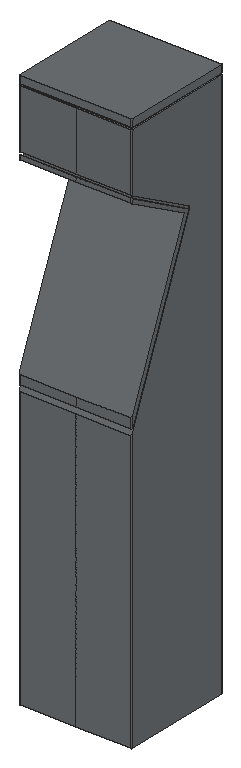
Revit family "Thorn AXYL GEO", category Lighting Fixtures, Revit 2023
Family settings
  Round Connector Dimension = Use Diameter
  Part Type = Normal
  OmniClass Number = 23.80.70.00
  OmniClass Title = Lighting
  Work Plane-Based = No
  Always vertical = Yes
  Cut with Voids When Loaded = No
  Light Source = Yes
  Maintain Annotation Orientation = No
  Shared = No
  Room Calculation Point = No
Parameters (values of type "AXYL GEO H600 1L 927 A/S HFX ANT")
  Wattage = 15.8 W
  built-in parameter 1150110 = 1 (stored number, unit not read)
  URL = "https://www.thornlighting.com/96700511"
  Type Image = TLG_AXYL_F_GEO_H600_ANT.jpg
  Type IFC Predefined Type = "DIRECTIONSOURCE"
  built-in parameter 1114217 = 1 (stored number, unit not read)
  Tilt Angle = 90.00°  # constant formula
  built-in parameter 1150109 = 1 (stored number, unit not read)
  built-in parameter 1150134 = (empty or 0)
  built-in parameter 1150113 = 1 (stored number, unit not read)
  SELECT ACCESSORIES [instance] = "SELECT ACCESSORIES"  # constant formula
  Power Factor = 0.96  # constant formula
  Photometric Web File = "96700511_(STD).IES"
  Model = "96700511"
  Material Housing = Thorn-Aluminium-RAL 7016-Anthracite Grey
  Manufacturer = "Thorn Lighting"  # constant formula
  Lumens = 552 lm
  Luminaire Width = 120.00 mm  # constant formula
  Luminaire Height = if(H 600, 600.00 mm, if(H 950, 950.00 mm, 600.00 mm))  # 600.00 mm
  built-in parameter 1150115 = 1 (stored number, unit not read)
  built-in parameter 1150105 = 46.712 (stored number, unit not read)
  built-in parameter 1150137 = (empty or 0)
  built-in parameter 1150139 = (empty or 0)
  built-in parameter 1150112 = 1 (stored number, unit not read)
  built-in parameter 1150114 = 1 (stored number, unit not read)
  Lamp = "LED"  # constant formula
  built-in parameter 1150132 = 2
  built-in parameter 1150102 = (empty or 0)
  built-in parameter 1150138 = (empty or 0)
  built-in parameter 1150107 = 2700 (stored number, unit not read)
  built-in parameter 1150106 = 0.46712 (stored number, unit not read)
  H 600 = yes
  Export Type to IFC As = "IfcLightFixtureType"
  built-in parameter 1150104 = 3.2516 (stored number, unit not read)
  Dimming Lamp Color Temperature Shift = (empty or 0)
  Description = "Road and amenity lighing luminaires"  # constant formula
  Default Elevation = 0.00 mm  # constant formula
  Color Filter = 16777215
  built-in parameter 1114218 = 1 (stored number, unit not read)
  built-in parameter 1150133 = 10 (stored number, unit not read)
  Assembly Code = "Pr_70_70_48_73"
  Apparent Load = Wattage / Power Factor  # 16.4583 VA
  H 950 = no
  Accessories Glare [instance] = no
  Accessories Flange [instance] = no
  A = 120.00 mm
Types (25, lengths in mm): name | URL | Type Image | Photometric Web File | Model | Material Housing | Lumens | Luminaire Height | built-in parameter 1150107 | H 600 | built-in parameter 1150104 | H 950
  (no name) | "https://www.thornlighting.com/96700511" | TLG_AXYL_F_GEO_H600_ANT.jpg | "96700511_(STD).IES" | "96700511" | Thorn-Aluminium-RAL 7016-Anthracite Grey | 552 lm | 600.00 | 2700 (stored number, unit not read) | yes | 3.2516 (stored number, unit not read) | no
  AXYL GEO H950 1L 930 A/S HFX ANT | "https://www.thornlighting.com/96700531" | TLG_AXYL_F_GEO_H950_ANT.jpg | "96700531_(STD).IES" | "96700531" | Thorn-Aluminium-RAL 7016-Anthracite Grey | 587 lm | 950.00 | 3000 (stored number, unit not read) | no | 3.4374 (stored number, unit not read) | yes
  AXYL GEO H950 1L 940 A/S HFX BK | "https://www.thornlighting.com/96700525" | TLG_AXYL_F_GEO_H950_BK.jpg | "96700525_(STD).IES" | "96700525" | Thorn-Aluminium-RAL 9005-Jet Black | 609 lm | 950.00 | 4000 (stored number, unit not read) | no | 3.6232 (stored number, unit not read) | yes
  AXYL GEO H950 1L 940 A/S HFX GY | "https://www.thornlighting.com/96700526" | TLG_AXYL_F_GEO_H950_GY.jpg | "96700526_(STD).IES" | "96700526" | Thorn-Aluminium-RAL 9006-White Aluminium | 609 lm | 950.00 | 4000 (stored number, unit not read) | no | 3.6232 (stored number, unit not read) | yes
  AXYL GEO H950 1L 940 A/S HFX WH | "https://www.thornlighting.com/96700524" | TLG_AXYL_F_GEO_H950_WH.jpg | "96700524_(STD).IES" | "96700524" | Thorn-Aluminium-RAL 9016-Traffic White | 609 lm | 950.00 | 4000 (stored number, unit not read) | no | 3.6232 (stored number, unit not read) | yes
  AXYL GEO H600 1L 927 A/S HFX ANT | "https://www.thornlighting.com/96700511" | TLG_AXYL_F_GEO_H600_ANT.jpg | "96700511_(STD).IES" | "96700511" | Thorn-Aluminium-RAL 7016-Anthracite Grey | 552 lm | 600.00 | 2700 (stored number, unit not read) | yes | 3.2516 (stored number, unit not read) | no
  AXYL GEO H600 1L 927 A/S HFX BK | "https://www.thornlighting.com/96700509" | TLG_AXYL_F_GEO_H950_WH.jpg | "96700509_(STD).IES" | "96700509" | Thorn-Aluminium-RAL 9005-Jet Black | 552 lm | 600.00 | 2700 (stored number, unit not read) | yes | 3.2516 (stored number, unit not read) | no
  AXYL GEO H600 1L 927 A/S HFX GY | "https://www.thornlighting.com/96700510" | TLG_AXYL_F_GEO_H600_GY.jpg | "96700510_(STD).IES" | "96700510" | Thorn-Aluminium-RAL 9006-White Aluminium | 552 lm | 600.00 | 2700 (stored number, unit not read) | yes | 3.2516 (stored number, unit not read) | no
  AXYL GEO H600 1L 927 A/S HFX WH | "https://www.thornlighting.com/96700508" | TLG_AXYL_F_GEO_H600_WH.jpg | "96700508_(STD).IES" | "96700508" | Thorn-Aluminium-RAL 9016-Traffic White | 552 lm | 600.00 | 2700 (stored number, unit not read) | yes | 3.2516 (stored number, unit not read) | no
  AXYL GEO H600 1L 930 A/S HFX ANT | "https://www.thornlighting.com/96700519" | TLG_AXYL_F_GEO_H600_ANT.jpg | "96700519_(STD).IES" | "96700519" | Thorn-Aluminium-RAL 7016-Anthracite Grey | 587 lm | 600.00 | 3000 (stored number, unit not read) | yes | 3.4374 (stored number, unit not read) | no
  AXYL GEO H600 1L 930 A/S HFX BK | "https://www.thornlighting.com/96700517" | TLG_AXYL_F_GEO_H600_BK.jpg | "96700517_(STD).IES" | "96700517" | Thorn-Aluminium-RAL 9005-Jet Black | 587 lm | 600.00 | 3000 (stored number, unit not read) | yes | 3.4374 (stored number, unit not read) | no
  AXYL GEO H600 1L 930 A/S HFX GY | "https://www.thornlighting.com/96700518" | TLG_AXYL_F_GEO_H600_GY.jpg | "96700518_(STD).IES" | "96700518" | Thorn-Aluminium-RAL 9006-White Aluminium | 587 lm | 600.00 | 3000 (stored number, unit not read) | yes | 3.4374 (stored number, unit not read) | no
  AXYL GEO H600 1L 930 A/S HFX WH | "https://www.thornlighting.com/96700516" | TLG_AXYL_F_GEO_H600_WH.jpg | "96700516_(STD).IES" | "96700516" | Thorn-Aluminium-RAL 9016-Traffic White | 587 lm | 600.00 | 3000 (stored number, unit not read) | yes | 3.4374 (stored number, unit not read) | no
  AXYL GEO H600 1L 940 A/S HFX ANT | "https://www.thornlighting.com/96700515" | TLG_AXYL_F_GEO_H600_ANT.jpg | "96700515_(STD).IES" | "96700515" | Thorn-Aluminium-RAL 7016-Anthracite Grey | 609 lm | 600.00 | 4000 (stored number, unit not read) | yes | 3.6232 (stored number, unit not read) | no
  AXYL GEO H600 1L 940 A/S HFX BLK | "https://www.thornlighting.com/96700513" | TLG_AXYL_F_GEO_H600_BK.jpg | "96700513_(STD).IES" | "96700513" | Thorn-Aluminium-RAL 9005-Jet Black | 609 lm | 600.00 | 4000 (stored number, unit not read) | yes | 3.6232 (stored number, unit not read) | no
  AXYL GEO H600 1L 940 A/S HFX GRY | "https://www.thornlighting.com/96700514" | TLG_AXYL_F_GEO_H600_GY.jpg | "96700514_(STD).IES" | "96700514" | Thorn-Aluminium-RAL 9006-White Aluminium | 609 lm | 600.00 | 4000 (stored number, unit not read) | yes | 3.6232 (stored number, unit not read) | no
  AXYL GEO H600 1L 940 A/S HFX WH | "https://www.thornlighting.com/96700512" | TLG_AXYL_F_GEO_H600_WH.jpg | "96700512_(STD).IES" | "96700512" | Thorn-Aluminium-RAL 9016-Traffic White | 609 lm | 600.00 | 4000 (stored number, unit not read) | yes | 3.6232 (stored number, unit not read) | no
  AXYL GEO H950 1L 927 A/S HFX ANT | "https://www.thornlighting.com/96700523" | TLG_AXYL_F_GEO_H950_ANT.jpg | "96700523_(STD).IES" | "96700523" | Thorn-Aluminium-RAL 7016-Anthracite Grey | 552 lm | 950.00 | 2700 (stored number, unit not read) | no | 3.2516 (stored number, unit not read) | yes
  AXYL GEO H950 1L 927 A/S HFX BK | "https://www.thornlighting.com/96700521" | TLG_AXYL_F_GEO_H950_BK.jpg | "96700521_(STD).IES" | "96700521" | Thorn-Aluminium-RAL 9005-Jet Black | 552 lm | 950.00 | 2700 (stored number, unit not read) | no | 3.2516 (stored number, unit not read) | yes
  AXYL GEO H950 1L 927 A/S HFX GY | "https://www.thornlighting.com/96700522" | TLG_AXYL_F_GEO_H950_GY.jpg | "96700522_(STD).IES" | "96700522" | Thorn-Aluminium-RAL 9006-White Aluminium | 552 lm | 950.00 | 2700 (stored number, unit not read) | no | 3.2516 (stored number, unit not read) | yes
  AXYL GEO H950 1L 927 A/S HFX WH | "https://www.thornlighting.com/96700520" | TLG_AXYL_F_GEO_H950_WH.jpg | "96700520_(STD).IES" | "96700520" | Thorn-Aluminium-RAL 9016-Traffic White | 552 lm | 950.00 | 2700 (stored number, unit not read) | no | 3.2516 (stored number, unit not read) | yes
  AXYL GEO H950 1L 930 A/S HFX BK | "https://www.thornlighting.com/96700529" | TLG_AXYL_F_GEO_H950_BK.jpg | "96700529_(STD).IES" | "96700529" | Thorn-Aluminium-RAL 9005-Jet Black | 587 lm | 950.00 | 3000 (stored number, unit not read) | no | 3.4374 (stored number, unit not read) | yes
  AXYL GEO H950 1L 930 A/S HFX GY | "https://www.thornlighting.com/96700530" | TLG_AXYL_F_GEO_H950_GY.jpg | "96700530_(STD).IES" | "96700530" | Thorn-Aluminium-RAL 9006-White Aluminium | 587 lm | 950.00 | 3000 (stored number, unit not read) | no | 3.4374 (stored number, unit not read) | yes
  AXYL GEO H950 1L 930 A/S HFX WH | "https://www.thornlighting.com/96700528" | TLG_AXYL_F_GEO_H950_WH.jpg | "96700528_(STD).IES" | "96700528" | Thorn-Aluminium-RAL 9016-Traffic White | 587 lm | 950.00 | 3000 (stored number, unit not read) | no | 3.4374 (stored number, unit not read) | yes
  AXYL GEO H950 1L 940 A/S HFX ANT | "https://www.thornlighting.com/96700527" | TLG_AXYL_F_GEO_H950_ANT.jpg | "96700527_(STD).IES" | "96700527" | Thorn-Aluminium-RAL 7016-Anthracite Grey | 609 lm | 950.00 | 4000 (stored number, unit not read) | no | 3.6232 (stored number, unit not read) | yes
Reference planes
  plane 1 "Light Source Axis (F/B)": y = 0
  plane 2: z = 0
  plane 3 "Light Source Axis (L/R)": x = 0
  plane 4 "Light Source Elevation": z = 500
  plane 5: z = 600
  plane 6: x = -60
  plane 7: x = 60
  plane 8 "Back": y = 60
  plane 9 "Front": y = -60
  plane 10: z = 520
  plane 11: y = 10
  plane 12: z = 315
  plane 13: z = 480
  plane 14: z = 590
Forms (mm)
  Extrusion 1, solid, material "Thorn-Aluminium-RAL 7016-Anthracite Grey" <- "Material Housing"
    sketch origin (0, 0, 0) x (1, 0, 0) y (0, 1, 0)
      loop
        line (-60, 59) -> (-60, -59)
        arc (-60, -59) -> (-59.707, -59.707) -> (-59, -60) r 1
        line (-59, -60) -> (0.301, -60) -> (59, -60)
        arc (59, -60) -> (59.707, -59.707) -> (60, -59) r 1
        line (60, -59) -> (60, 59)
        arc (60, 59) -> (59.707, 59.707) -> (59, 60) r 1
        line (59, 60) -> (1.583, 60) -> (-59, 60)
        arc (-59, 60) -> (-59.707, 59.707) -> (-60, 59) r 1
    from 0 to 590
  Extrusion 2, void
    sketch origin (0, 0, 0) x (0, 1, 0) y (0, 0, 1)
      loop
        line (-60, 520) -> (-60, 315) -> (10, 480) -> (-60, 520)
    from -155.988 to 131.833
  Extrusion 3, void
    sketch origin (0, 0, 0) x (0, 1, 0) y (0, 0, 1)
      loop
        line (-60, 527.486) -> (-60, 524.607) -> (13.818, 482.425)
        arc (13.818, 482.425) -> (14.467, 481.297) -> (14.345, 480) r 2.15
        line (14.345, 480) -> (-60, 304.758) -> (-60, 298.357) -> (17.061, 480)
        arc (17.061, 480) -> (17.327, 481.926) -> (16.586, 483.723) r 3.724
        line (16.586, 483.723) -> (-60, 527.486)
    from 57.5 to 60
  Extrusion 4, void
    sketch origin (0, 0, 0) x (0, 1, 0) y (0, 0, -1)
      loop
        line (-60, -527.486) -> (16.586, -483.723)
        arc (16.586, -483.723) -> (17.327, -481.926) -> (17.061, -480) r 3.724
        line (17.061, -480) -> (-60, -298.357) -> (-60, -304.758) -> (14.345, -480)
        arc (14.345, -480) -> (14.467, -481.297) -> (13.818, -482.425) r 2.15
        line (13.818, -482.425) -> (-60, -524.607) -> (-60, -527.486)
    from 57.5 to 60
  Extrusion 5, void
    sketch origin (0, 0, 0) x (0, 1, 0) y (0, 0, 1)
      loop
        line (-60, 527.486) -> (-60, 524.607) -> (-57.791, 523.345) -> (-57.791, 526.224) -> (-60, 527.486)
    from -60 to 60
  Extrusion 6, void
    sketch origin (0, 0, 0) x (0, 1, 0) y (0, 0, 1)
      loop
        line (-60, 304.758) -> (-60, 298.357) -> (-57.5, 304.25) -> (-57.5, 310.651) -> (-60, 304.758)
    from -60 to 60
  Extrusion 7, void
    sketch origin (0, -60, 520) x (0, 0.868243, -0.496139) y (1, 0, 0)
      loop
        line (11.123, -33) -> (70.123, -33) -> (70.123, 33) -> (11.123, 33) -> (11.123, -33)
    from -6.5 to 5.511
  Extrusion 8, solid, material "Thorn-Plastic-Self Illuminated 4000K"
    sketch origin (0, -56.775, 525.644) x (0, 0.868243, -0.496139) y (1, 0, 0)
      loop
        line (70.123, 33) -> (11.123, 33) -> (11.123, -33) -> (70.123, -33) -> (70.123, 33)
    from 3 to 0
  Extrusion 9, solid, material "Thorn-Aluminium-RAL 7016-Anthracite Grey" <- "Material Housing"
    sketch origin (-7000, -1193.462, 600) x (-1, 0, 0) y (0, 1, 0)
      loop
        arc (-6940, 1252.462) -> (-6940.293, 1253.169) -> (-6941, 1253.462) r 1
        line (-6941, 1253.462) -> (-7059, 1253.462)
        arc (-7059, 1253.462) -> (-7059.707, 1253.169) -> (-7060, 1252.462) r 1
        line (-7060, 1252.462) -> (-7060, 1134.462)
        arc (-7060, 1134.462) -> (-7059.707, 1133.755) -> (-7059, 1133.462) r 1
        line (-7059, 1133.462) -> (-6941, 1133.462)
        arc (-6941, 1133.462) -> (-6940.293, 1133.755) -> (-6940, 1134.462) r 1
        line (-6940, 1134.462) -> (-6940, 1252.462)
    from 7.5 to 0
  Extrusion 10, solid, material "Thorn-Aluminium-RAL 7016-Anthracite Grey" <- "Material Housing"
    sketch origin (-7000, -1193.462, 600) x (-1, 0, 0) y (0, 1, 0)
      loop
        line (-6942.5, 1136.962) -> (-6942.5, 1249.962)
        arc (-6942.5, 1249.962) -> (-6942.793, 1250.669) -> (-6943.5, 1250.962) r 1
        line (-6943.5, 1250.962) -> (-7056.5, 1250.962)
        arc (-7056.5, 1250.962) -> (-7057.207, 1250.669) -> (-7057.5, 1249.962) r 1
        line (-7057.5, 1249.962) -> (-7057.5, 1136.962)
        arc (-7057.5, 1136.962) -> (-7057.207, 1136.255) -> (-7056.5, 1135.962) r 1
        line (-7056.5, 1135.962) -> (-6943.5, 1135.962)
        arc (-6943.5, 1135.962) -> (-6942.793, 1136.255) -> (-6942.5, 1136.962) r 1
    from 7.5 to 10
Cuts and joins
  Extrusion 2, Extrusion 3, Extrusion 4, Extrusion 5, Extrusion 6, Extrusion 7 cuts Extrusion 1
Lines and regions (mm)
  Filled region 1, type "White"
    outline origin (0, 0, 0) x (1, 0, 0) y (0, 1, 0)
      loop
        line (-60, 60) -> (-60, -60) -> (60, -60) -> (60, 60) -> (-60, 60)
  model lines, style "InvisibleLines"
    curve 1: line (0, 0, 0) -> (0, -600, 0)
    curve 2: line (0, -600, 0) -> (51.303, -459.046, 0)
    curve 3: line (0, -600, 0) -> (-51.303, -459.046, 0)
Dimensions and locks
  "Luminaire Height": level to plane 5
  locked: plane 6 to plane 7 at 120
  "A": plane 9 "Front" to plane 8 "Back"
  locked: plane 12 to plane 5 at 285
  locked: plane 4 "Light Source Elevation" to plane 5 at 100
  locked: plane 5 to plane 14 at 10
  locked: plane 13 to plane 4 "Light Source Elevation" at 20
  locked: plane 4 "Light Source Elevation" to plane 10 at 20
  aligned and locked: plane 4 "Light Source Elevation" to imposter light
  aligned and locked: level to plane 2
  aligned and locked: Extrusion 1 to level
  aligned and locked: plane 14 to cut or joined group of Extrusion 1, Extrusion 2, Extrusion 3, Extrusion 4, Extrusion 5, Extrusion 6, Extrusion 7
  aligned and locked: Extrusion 9 sketch curve to plane 8 "Back"
  aligned and locked: Extrusion 9 sketch curve to plane 7
  aligned and locked: Extrusion 9 sketch curve to plane 9 "Front"
  aligned and locked: Extrusion 9 sketch curve to plane 6
  aligned and locked: imposter light to nested 1
Automatic sketch dimensions
  Extrusion 1 sketch curve to plane 6 = 0.00 mm
  plane 8 "Back" to Extrusion 1 sketch curve = 0.00 mm
  Extrusion 1 sketch curve to plane 9 "Front" = 0.00 mm
  Extrusion 1 sketch curve to plane 7 = 0.00 mm
  Extrusion 1 sketch curve to Extrusion 1 sketch curve = 1.00 mm  (x3)
  plane 3 "Light Source Axis (L/R)" to Extrusion 1 sketch curve = 0.301 mm
  plane 3 "Light Source Axis (L/R)" to Extrusion 1 sketch curve = 1.583 mm
  plane 7 to Extrusion 1 sketch curve = 1.00 mm
  curve 2 to plane 3 "Light Source Axis (L/R)" = 0.00 mm
  plane 1 "Light Source Axis (F/B)" to curve 1 = 0.00 mm
  curve 3 to plane 9 "Front" = 540.00 mm
  plane 6 to curve 3 = 8.697 mm
  plane 7 to curve 2 = 8.697 mm
  curve 3 to curve 3 = 140.954 mm
  curve 3 to curve 2 = 0.00 mm
  Filled region 1 sketch curve to plane 6 = 0.00 mm
  plane 8 "Back" to Filled region 1 sketch curve = 0.00 mm
  plane 7 to Filled region 1 sketch curve = 0.00 mm
  plane 9 "Front" to Filled region 1 sketch curve = 0.00 mm
  Extrusion 2 sketch curve to plane 9 "Front" = 0.00 mm
  Extrusion 2 sketch curve to plane 11 = 0.00 mm
  plane 12 to Extrusion 2 sketch curve = 0.00 mm
  plane 13 to Extrusion 2 sketch curve = 0.00 mm
  plane 10 to Extrusion 2 sketch curve = 0.00 mm
  Extrusion 3 sketch curve to plane 9 "Front" = 0.00 mm  (x2)
  plane 13 to Extrusion 3 sketch curve = 0.00 mm  (x2)
  Extrusion 3 sketch curve to plane 13 = 0.84 mm
  Extrusion 3 sketch curve to plane 11 = 2.366 mm
  Extrusion 3 sketch curve to Extrusion 3 sketch curve = 1.266 mm
  Extrusion 3 sketch curve to Extrusion 3 sketch curve = 0.186 mm
  Extrusion 3 sketch curve to Extrusion 3 sketch curve = 0.713 mm
  Extrusion 3 sketch curve to plane 13 = 3.723 mm
  Extrusion 3 sketch curve to Extrusion 3 sketch curve = 2.768 mm
  Extrusion 3 sketch curve to Extrusion 3 sketch curve = 2.716 mm
  plane 12 to Extrusion 3 sketch curve = 10.242 mm
  Extrusion 3 sketch curve to Extrusion 3 sketch curve = 6.401 mm
  Extrusion 3 sketch curve to plane 10 = 4.607 mm
  Extrusion 3 sketch curve to Extrusion 3 sketch curve = 2.879 mm
  Extrusion 4 sketch curve to plane 9 "Front" = 0.00 mm  (x2)
  plane 13 to Extrusion 4 sketch curve = 0.00 mm  (x2)
  Extrusion 4 sketch curve to plane 13 = 0.84 mm
  Extrusion 4 sketch curve to plane 11 = 2.366 mm
  Extrusion 4 sketch curve to Extrusion 4 sketch curve = 1.266 mm
  Extrusion 4 sketch curve to Extrusion 4 sketch curve = 0.186 mm
  Extrusion 4 sketch curve to Extrusion 4 sketch curve = 0.713 mm
  Extrusion 4 sketch curve to plane 13 = 3.723 mm
  Extrusion 4 sketch curve to Extrusion 4 sketch curve = 2.768 mm
  Extrusion 4 sketch curve to Extrusion 4 sketch curve = 2.716 mm
  Extrusion 4 sketch curve to plane 10 = 4.607 mm
  Extrusion 4 sketch curve to Extrusion 4 sketch curve = 2.879 mm
  plane 12 to Extrusion 4 sketch curve = 10.242 mm
  Extrusion 4 sketch curve to Extrusion 4 sketch curve = 6.401 mm
  Extrusion 5 sketch curve to plane 9 "Front" = 0.00 mm
  plane 9 "Front" to Extrusion 5 sketch curve = 2.209 mm
  Extrusion 5 sketch curve to plane 10 = 3.345 mm
  Extrusion 5 sketch curve to Extrusion 5 sketch curve = 1.262 mm  (x2)
  Extrusion 5 sketch curve to Extrusion 5 sketch curve = 1.617 mm
  Extrusion 6 sketch curve to plane 9 "Front" = 0.00 mm
  plane 9 "Front" to Extrusion 6 sketch curve = 2.50 mm
  plane 12 to Extrusion 6 sketch curve = 16.643 mm
  Extrusion 6 sketch curve to Extrusion 6 sketch curve = 5.893 mm
  Extrusion 6 sketch curve to Extrusion 6 sketch curve = 0.508 mm
  plane 12 to Extrusion 6 sketch curve = 4.349 mm
  Extrusion 7 sketch curve to Extrusion 2 = 11.123 mm
  Extrusion 7 sketch curve to Extrusion 2 = 10.50 mm
  Extrusion 2 to Extrusion 7 sketch curve = 122.988 mm
  Extrusion 7 sketch curve to Extrusion 7 sketch curve = 66.00 mm
  Extrusion 8 sketch curve to Extrusion 7 = 0.00 mm  (x4)
  plane 7 to Extrusion 9 sketch curve = 1.00 mm  (x2)
  Extrusion 9 sketch curve to Extrusion 9 sketch curve = 1.00 mm
  plane 6 to Extrusion 9 sketch curve = 1.00 mm
  plane 7 to Extrusion 10 sketch curve = 2.50 mm
  Extrusion 10 sketch curve to Extrusion 10 sketch curve = 1.00 mm  (x3)
  plane 6 to Extrusion 10 sketch curve = 3.50 mm  (x2)
  plane 8 "Back" to Extrusion 10 sketch curve = 2.50 mm
  plane 9 "Front" to Extrusion 10 sketch curve = 3.50 mm
Nested families
  nested 1: "Thorn AXYL GEO accessories" at (0, 0, 0), visible <- "Accessories Flange", type "AXYL GEO FLANGE D120"
  nested 2: "Thorn AXYL GEO accessories" at (0, -22.993, 502.884) x (1, 0, 0) z (0, -0.4961, -0.8682), visible <- "Accessories Glare", type "AXYL GEO GLARE BK", detail levels fine
Connectors
  electrical at (0, 0, 0), driven by "Apparent Load", driven by "Power Factor"
    settings: index 1, voltage 220 V, apparent load 16.4583 VA, apparent load phase1 0 VA, apparent load phase2 0 VA, apparent load phase3 0 VA, power factor 0.96, load classification "Lighting", number of poles 1, system type 30, power factor state 1, is connector primary yes, connector utility no, sub classification motor no, connector description ""
Definition of nested family "Thorn AXYL GEO accessories"
  Parameters (values of type "AXYL GEO FLANGE D120")
    Visibility Flange = not(Visibility Glare)  # yes
    Visibility Glare = and(not(Flange), Glare)  # no
    URL = "https://www.thornlighting.com/96700572"
    Type Image = element 22645
    Type IFC Predefined Type = "NOTDEFINED"
    Model = "96700572"
    Glare = no
    Flange = yes
    Material Housing = none
    Manufacturer = "Thorn Lighting"  # constant formula
    Export Type to IFC As = "IfcLightFixtureType"
    Description = "Luminaire mounting accessories"  # constant formula
    Default Elevation = 0.00 mm  # constant formula
    Assembly Code = "Pr_70_70_48_14"
  Types (3, lengths in mm): name | Visibility Flange | Visibility Glare | URL | Type Image | Model | Glare | Flange
    (no name) | yes | no | "https://www.thornlighting.com/96700572" | element 22645 | "96700572" | no | yes
    AXYL GEO FLANGE D120 | yes | no | "https://www.thornlighting.com/96700572" | element 22645 | "96700572" | no | yes
    AXYL GEO GLARE BK | no | yes | "https://www.thornlighting.com/96700532" | element 22647 | "96700532" | yes | no
  Reference planes
    plane 1 "Center (Front/Back)": y = 0
    plane 2: z = 0
    plane 3 "Center (Left/Right)": x = 0
    plane 4: x = -59.5
    plane 5: x = 59.5
    plane 6: y = 59.5
    plane 7: y = -59.5
    plane 8: z = -165
  Forms (mm)
    Extrusion 1, solid, visible <- "Visibility Flange"
      sketch origin (0, 0, 0) x (1, 0, 0) y (0, 1, 0)
        loop
          circle (0, 0) r 59.5
        loop
          circle (0, 0) r 28
      from 0 to -3
    Extrusion 2, solid, visible <- "Visibility Flange"
      sketch origin (0, 0, 0) x (1, 0, 0) y (0, 1, 0)
        loop
          circle (0, 0) r 58.5
        loop
          circle (0, 0) r 28
      from -3 to -34
    Sweep 3, solid, visible <- "Visibility Flange", detail levels fine
      path origin (0, 0, -34) x (0, 1, 0) y (0, 0, 1)
        loop
          line (38, 0) -> (38, -108)
          arc (38, -108) -> (43.858, -122.142) -> (58, -128) r 20
          line (58, -128) -> (88, -128)
      profile origin (0, 38, -88) x (1, 0, 0) y (0, 1, 0)
        loop
          circle (0, 0) r 3
    Sweep 4, solid, visible <- "Visibility Flange", detail levels fine
      path origin (0, 0, -34) x (0, -1, 0) y (0, 0, -1)
        loop
          line (38, 0) -> (38, 108)
          arc (38, 108) -> (43.858, 122.142) -> (58, 128) r 20
          line (58, 128) -> (88, 128)
      profile origin (0, -38, -88) x (1, 0, 0) y (0, 1, 0)
        loop
          circle (0, 0) r 3
    Sweep 5, solid, visible <- "Visibility Flange", detail levels fine
      path origin (0, 0, -34) x (1, 0, 0) y (0, 0, 1)
        loop
          line (38, 0) -> (38, -108)
          arc (38, -108) -> (43.858, -122.142) -> (58, -128) r 20
          line (58, -128) -> (88, -128)
      profile origin (38, 0, -88) x (0, -1, 0) y (1, 0, 0)
        loop
          circle (0, 0) r 3
    Sweep 6, solid, visible <- "Visibility Flange", detail levels fine
      path origin (0, 0, -34) x (-1, 0, 0) y (0, 0, -1)
        loop
          line (38, 0) -> (38, 108)
          arc (38, 108) -> (43.858, 122.142) -> (58, 128) r 20
          line (58, 128) -> (88, 128)
      profile origin (-38, 0, -88) x (0, -1, 0) y (1, 0, 0)
        loop
          circle (0, 0) r 3
    Extrusion 7, solid, material <- "Material Housing", visible <- "Glare", detail levels fine
      sketch origin (0, 22.373, 0) x (1, 0, 0) y (0, 1, 0)
        loop
          line (33, 7.127) -> (-33, 7.127) -> (-33, -51.873) -> (33, -51.873) -> (33, 7.127)
        loop
          line (-31.5, 5.627) -> (-31.5, -50.373) -> (31.5, -50.373) -> (31.5, 5.627) -> (-31.5, 5.627)
      from 3.5 to 0
    Extrusion 8, solid, material <- "Material Housing", visible <- "Glare", detail levels fine
      sketch origin (0, -7.125, 0) x (0, 1, 0) y (0, 0, 1)
        loop
          line (28, 3.5) -> (28, 0) -> (29, 0) -> (29, 3.5) -> (28, 3.5)
      from -31.5 to 31.5
    Extrusion 9, solid, material <- "Material Housing", visible <- "Glare", detail levels fine
      sketch origin (0, -14.25, 0) x (0, 1, 0) y (0, 0, 1)
        loop
          line (28, 3.5) -> (28, 0) -> (29, 0) -> (29, 3.5) -> (28, 3.5)
      from -31.5 to 31.5
    Extrusion 10, solid, material <- "Material Housing", visible <- "Glare", detail levels fine
      sketch origin (0, -21.375, 0) x (0, 1, 0) y (0, 0, 1)
        loop
          line (28, 3.5) -> (28, 0) -> (29, 0) -> (29, 3.5) -> (28, 3.5)
      from -31.5 to 31.5
    Extrusion 11, solid, material <- "Material Housing", visible <- "Glare", detail levels fine
      sketch origin (0, -28.5, 0) x (0, 1, 0) y (0, 0, 1)
        loop
          line (28, 3.5) -> (28, 0) -> (29, 0) -> (29, 3.5) -> (28, 3.5)
      from -31.5 to 31.5
    Extrusion 12, solid, material <- "Material Housing", visible <- "Glare", detail levels fine
      sketch origin (0, -35.625, 0) x (0, 1, 0) y (0, 0, 1)
        loop
          line (28, 3.5) -> (28, 0) -> (29, 0) -> (29, 3.5) -> (28, 3.5)
      from -31.5 to 31.5
    Extrusion 13, solid, material <- "Material Housing", visible <- "Glare", detail levels fine
      sketch origin (0, -42.75, 0) x (0, 1, 0) y (0, 0, 1)
        loop
          line (28, 3.5) -> (28, 0) -> (29, 0) -> (29, 3.5) -> (28, 3.5)
      from -31.5 to 31.5
    Extrusion 14, solid, material <- "Material Housing", visible <- "Glare", detail levels fine
      sketch origin (0, -49.875, 0) x (0, 1, 0) y (0, 0, 1)
        loop
          line (28, 3.5) -> (28, 0) -> (29, 0) -> (29, 3.5) -> (28, 3.5)
      from -31.5 to 31.5
    Extrusion 15, solid, material <- "Material Housing", visible <- "Glare", detail levels fine
      sketch origin (0, 0, 0) x (1, 0, 0) y (0, 1, 0)
        loop
          line (-31.5, 28) -> (-31.5, -28) -> (31.5, -28) -> (31.5, 28) -> (-31.5, 28)
        loop
          line (-35.5, -32) -> (35.5, -32) -> (35.5, 32) -> (-35.5, 32) -> (-35.5, -32)
      from 3.5 to 5
  Cuts and joins
    joined: Extrusion 7, Extrusion 15
  Dimensions and locks
    equal spacing: plane 4, plane 3 "Center (Left/Right)", plane 5
    plane 4 to plane 5 = 119.00 mm
    equal spacing: plane 6, plane 1 "Center (Front/Back)", plane 7
    plane 6 to plane 7 = 119.00 mm
    plane 8 to level = 165.00 mm
    aligned and locked: level to plane 2
  Automatic sketch dimensions
    Extrusion 1 sketch curve to Extrusion 1 sketch curve = 0.00 mm  (x2)
    plane 1 "Center (Front/Back)" to Extrusion 1 sketch curve = 0.00 mm
    Extrusion 1 sketch curve to plane 3 "Center (Left/Right)" = 0.00 mm
    Extrusion 2 sketch curve to Extrusion 2 sketch curve = 0.00 mm  (x6)
    plane 1 "Center (Front/Back)" to Extrusion 2 sketch curve = 0.00 mm
    Extrusion 2 sketch curve to plane 3 "Center (Left/Right)" = 0.00 mm
    Extrusion 2 sketch curve to plane 3 "Center (Left/Right)" = 28.00 mm
    plane 6 to Sweep 3 sketch curve = 21.50 mm
    plane 6 to Sweep 3 sketch curve = 1.50 mm
    Sweep 3 sketch curve to plane 8 = 3.00 mm
    Sweep 3 sketch curve to plane 6 = 28.50 mm
    Sweep 3 sketch curve to level = 34.00 mm
    Sweep 3 sketch curve to plane 3 "Center (Left/Right)" = 0.00 mm
    profile plane to Sweep 3 sketch curve = 0.00 mm
    plane 7 to Sweep 4 sketch curve = 21.50 mm
    plane 7 to Sweep 4 sketch curve = 1.50 mm
    Sweep 4 sketch curve to plane 8 = 23.00 mm
    Sweep 4 sketch curve to plane 7 = 28.50 mm
    Sweep 4 sketch curve to level = 34.00 mm
    Sweep 4 sketch curve to plane 3 "Center (Left/Right)" = 0.00 mm
    profile plane to Sweep 4 sketch curve = 0.00 mm
    plane 5 to Sweep 5 sketch curve = 21.50 mm
    plane 5 to Sweep 5 sketch curve = 1.50 mm
    Sweep 5 sketch curve to plane 8 = 3.00 mm
    Sweep 5 sketch curve to plane 5 = 28.50 mm
    Sweep 5 sketch curve to level = 34.00 mm
    Sweep 5 sketch curve to profile plane = 0.00 mm
    profile plane to Sweep 5 sketch curve = 0.00 mm
    plane 4 to Sweep 6 sketch curve = 21.50 mm
    plane 4 to Sweep 6 sketch curve = 1.50 mm
    Sweep 6 sketch curve to plane 8 = 23.00 mm
    Sweep 6 sketch curve to plane 4 = 28.50 mm
    Sweep 6 sketch curve to level = 34.00 mm
    Sweep 6 sketch curve to profile plane = 0.00 mm
    profile plane to Sweep 6 sketch curve = 0.00 mm
    plane 4 to Extrusion 7 sketch curve = 26.50 mm
    plane 5 to Extrusion 7 sketch curve = 26.50 mm
    plane 1 "Center (Front/Back)" to Extrusion 7 sketch curve = 29.50 mm
    Extrusion 7 sketch curve to plane 1 "Center (Front/Back)" = 29.50 mm
    Extrusion 7 sketch curve to Extrusion 7 sketch curve = 1.50 mm  (x4)
    Extrusion 8 sketch curve to Extrusion 8 sketch curve = 1.00 mm
    Extrusion 8 sketch curve to Extrusion 8 sketch curve = 3.50 mm
    Extrusion 9 sketch curve to Extrusion 9 sketch curve = 1.00 mm
    Extrusion 9 sketch curve to Extrusion 9 sketch curve = 3.50 mm
    Extrusion 10 sketch curve to Extrusion 10 sketch curve = 1.00 mm
    Extrusion 10 sketch curve to Extrusion 10 sketch curve = 3.50 mm
    Extrusion 11 sketch curve to Extrusion 11 sketch curve = 1.00 mm
    Extrusion 11 sketch curve to Extrusion 11 sketch curve = 3.50 mm
    Extrusion 12 sketch curve to Extrusion 12 sketch curve = 1.00 mm
    Extrusion 12 sketch curve to Extrusion 12 sketch curve = 3.50 mm
    Extrusion 13 sketch curve to Extrusion 13 sketch curve = 1.00 mm
    Extrusion 13 sketch curve to Extrusion 13 sketch curve = 3.50 mm
    Extrusion 14 sketch curve to Extrusion 14 sketch curve = 1.00 mm
    Extrusion 14 sketch curve to Extrusion 14 sketch curve = 3.50 mm
    Extrusion 8 sketch curve to level = 0.00 mm
    Extrusion 8 sketch curve to plane 1 "Center (Front/Back)" = 20.875 mm
    Extrusion 9 sketch curve to level = 0.00 mm
    Extrusion 9 sketch curve to plane 1 "Center (Front/Back)" = 13.75 mm
    Extrusion 10 sketch curve to level = 0.00 mm
    Extrusion 10 sketch curve to plane 1 "Center (Front/Back)" = 6.625 mm
    Extrusion 11 sketch curve to level = 0.00 mm
    plane 1 "Center (Front/Back)" to Extrusion 11 sketch curve = 0.50 mm
    Extrusion 12 sketch curve to level = 0.00 mm
    plane 1 "Center (Front/Back)" to Extrusion 12 sketch curve = 7.625 mm
    Extrusion 13 sketch curve to level = 0.00 mm
    plane 1 "Center (Front/Back)" to Extrusion 13 sketch curve = 14.75 mm
    Extrusion 14 sketch curve to level = 0.00 mm
    plane 1 "Center (Front/Back)" to Extrusion 14 sketch curve = 21.875 mm
    plane 4 to Extrusion 15 sketch curve = 24.00 mm
    Extrusion 15 sketch curve to Extrusion 15 sketch curve = 4.00 mm  (x4)
    plane 5 to Extrusion 15 sketch curve = 28.00 mm
    plane 1 "Center (Front/Back)" to Extrusion 15 sketch curve = 28.00 mm
    Extrusion 15 sketch curve to plane 1 "Center (Front/Back)" = 28.00 mm
    radius of Extrusion 1 sketch curve = 59.50 mm
    radius of Extrusion 1 sketch curve = 28.00 mm
    radius of Extrusion 2 sketch curve = 58.50 mm
    radius of Sweep 3 sketch curve = 3.00 mm
    radius of Sweep 4 sketch curve = 3.00 mm
    radius of Sweep 5 sketch curve = 3.00 mm
    radius of Sweep 6 sketch curve = 3.00 mm
